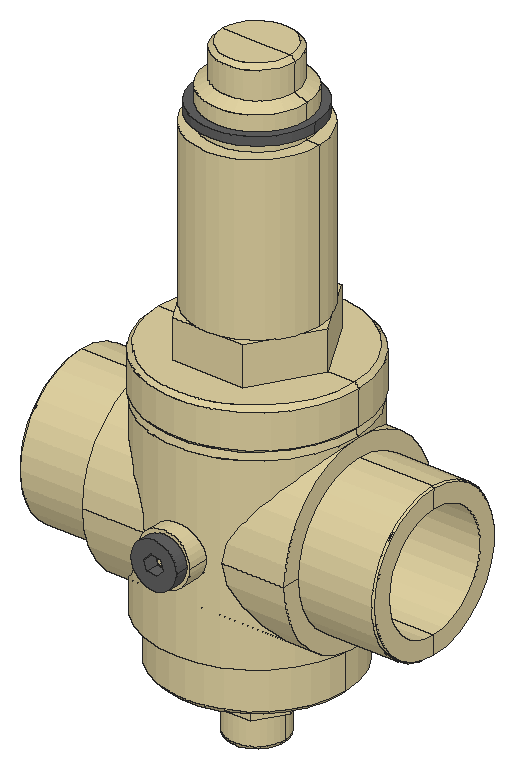
Revit family "HS00280000", category Apparecchi idraulici, Revit 2020
Family settings
  Quota connettore circolare = Usa diametro
  Tipo di parte = Normale
  Numero OmniClass = 23.45.00.00
  Titolo OmniClass = Sanitary, Laundry, and Cleaning Equipment
  Basato su piano di lavoro = No
  Sempre verticale = Sì
  Taglio con vuoti quando caricato = No
  Condiviso = No
  Punto di calcolo locali = No
Parameters
  URL = "https://web.cimberio.it/index.php/figura/898?subcategoria_id=42"
  Temperatura di esercizio = "0 ÷ 80°C"
  Prospetto di default = 0 mm
  Produttore = "CIMBERIO SPA"
  Pressione nominale = "PN 25"
  Modello = "Cim 1430CR"
  Materiale = "Prodotto in lega di ottone “CR” – “DZR” conforme alla norma EN 12165-CW602N-M."
  Descrizione = "Utilizzato nei più svariati settori dell'impiantistica: reti di distribuzione acqua potabile, impianti di riscaldamento, condizionamento, igienico-sanitari e in generale con ogni fluido non corrosivo"
  DN Model [instance] = HS00281040 : HS00281040
  DN [instance] = 40 mm
  Commenti sul tipo = "Realizzato in ottemperanza ai requisiti gestionali della norma EN ISO 9001. Collaudato al 100% secondo la normativa EN 12266-1."
Reference planes
  plane 1 "Centro (Fronte/Retro)": y = 0
  plane 2: z = 0
  plane 3 "Centro (Sinistra/Destra)": x = 0
Dimensions and locks
  aligned and locked: level to plane 2
Nested families
  nested 1: "HS00281040" at (0, 0, 0), type <- "DN Model", type "HS00281040"
  nested 2: "HS00281040" at (0, 0, 0), type <- "DN Model", type "HS00281040"
  nested 3: "HS00281040" at (0, 0, 0), type <- "DN Model", type "HS00281040"
  nested 4: "HS00281040" at (0, 0, 0), type <- "DN Model", type "HS00281040"
  nested 5: "HS00281040" at (0, 0, 0), type <- "DN Model", type "HS00281040"
  nested 6: "HS00281040" at (0, 0, 0), type <- "DN Model", type "HS00281040"
Connectors
  piping at (62.5, 0, 0), diameter 40, driven by "DN"
    settings: on nested 1, index 1, connector inside diameter 609.6 mm, connector length 0 mm, flow factor 0, pipe flow 0.0 L/s, pressure drop 0.0 Pa, fitting loss kfactor 0, connector angle 0.00°, fixture units 0, engagement length 0 mm, angle of deflection 0.00°, flow configuration 0, flow direction 0, fitting loss method 0, system type 7, joint type 0, gender type 0, connector reference index -1, connector utility 0, adjustable connector no, is connector primary yes, connector description ""
  piping at (-62.5, 0, 0), diameter 40, driven by "DN"
    settings: on nested 1, index 2, connector inside diameter 609.6 mm, connector length 0 mm, flow factor 0, pipe flow 0.0 L/s, pressure drop 0.0 Pa, fitting loss kfactor 0, connector angle 0.00°, fixture units 0, engagement length 0 mm, angle of deflection 0.00°, flow configuration 0, flow direction 0, fitting loss method 0, system type 7, joint type 0, gender type 0, connector reference index -1, connector utility 0, adjustable connector no, is connector primary no, connector description ""
Definition of nested family "HS00281040"
  Parameters (values of type "HS00281040")
    Default Elevation = 0 mm
  Reference planes
    plane 1 "Centro (Fronte/Retro)": y = 0
    plane 2: z = 0
    plane 3 "Centro (Sinistra/Destra)": x = 0
  Forms (mm)
    Revolve 1, solid
      sketch origin (0, 0, 4.5) x (1, 0, 0) y (0, 0, 1)
        loop
          line (-20, 45.5) -> (-34.5, 45.5) -> (-36, 44) -> (-36, 32) -> (-34.972, 30.972) -> (-35.5, 28.501) -> (-35.5, -37.5) -> (-31.5, -37.5) -> (-31.5, -53) -> (-30, -54.5) -> (-20, -54.5) -> (-20, 45.5)
        axis (0, 45.5) -> (0, -54.5)
      angle from 0 to 360
    Revolve 2, solid
      sketch origin (0, 0, 66.5) x (1, 0, 0) y (0, 0, 1)
        loop
          line (0, 79) -> (-12, 79) -> (-13.5, 77.5) -> (-13.5, 68) -> (-17.5, 65.691) -> (-17.5, 54) -> (-22, 54) -> (-22, -3.003) -> (0, -3.003) -> (0, 79)
        axis (0, 79) -> (0, -3.003)
      angle from 0 to 360
    Revolve 3, solid
      sketch origin (0, 0, 0) x (1, 0, 0) y (0, 0, 1)
        loop
          line (-62.5, 20) -> (-19.939, 20) -> (-19.939, 26.75) -> (-61.836, 26.75) -> (-62.5, 26.25) -> (-62.5, 20)
        axis (-62.5, 0) -> (-19.939, 0)
      angle from 0 to 360
    Extrusion 4, solid
      sketch origin (0, 0, 0) x (1, 0, 0) y (0, 1, 0)
        loop
          line (12, 0) -> (6, 10.392) -> (-6, 10.392) -> (-12, 0) -> (-6, -10.392) -> (6, -10.392) -> (12, 0)
      from -62.5 to -50
    Revolve 5, solid
      sketch origin (0, 0, -22.5) x (1, 0, 0) y (0, 0, 1)
        loop
          line (0, -40) -> (0, -50.056) -> (9, -50.056)
          arc (9, -50.056) -> (9.707, -49.763) -> (10, -49.056) r 1
          line (10, -49.056) -> (10, -40) -> (0, -40)
        axis (0, -40) -> (0, -50.056)
      angle from 0 to 360
    Extrusion 6, solid
      sketch origin (0, 0, 8.063) x (1, 0, 0) y (0, 1, 0)
        loop
          circle (0, 0) r 17
        loop
          circle (0, 0) r 20.5
      from 115.93 to 118.937
    Extrusion 7, solid
      sketch origin (0, 0, 0) x (1, 0, 0) y (0, 0, 1)
        loop
          circle (0, 0) r 9.25
        loop
          line (-1.055, 3.299) -> (-3.385, 0.736) -> (-2.33, -2.564) -> (1.055, -3.299) -> (3.385, -0.736) -> (2.33, 2.564) -> (-1.055, 3.299)
      from -41 to 41
    Extrusion 8, solid
      sketch origin (0, 0, 0) x (1, 0, 0) y (0, 0, 1)
        loop
          circle (0, 0) r 8
        loop
          line (-3.385, 0.736) -> (-2.33, -2.564) -> (1.055, -3.299) -> (3.385, -0.736) -> (2.33, 2.564) -> (-1.055, 3.299) -> (-3.385, 0.736)
      from 41 to 45.5
    Extrusion 9, solid
      sketch origin (0, 0, 0) x (1, 0, 0) y (0, 0, -1)
        loop
          circle (0, 0) r 8
        loop
          line (-3.385, -0.736) -> (-1.055, -3.299) -> (2.33, -2.564) -> (3.385, 0.736) -> (1.055, 3.299) -> (-2.33, 2.564) -> (-3.385, -0.736)
      from 41 to 45.5
    Extrusion 10, solid
      sketch origin (0, 0, 0) x (0, -1, 0) y (1, 0, 0)
        loop
          line (0, 25) -> (-21.651, 12.5) -> (-21.651, -12.5) -> (0, -25) -> (21.651, -12.5) -> (21.651, 12.5) -> (0, 25)
      from 50 to 63.5
    Revolve 11, solid
      sketch origin (0, 0, 0) x (-1, 0, 0) y (0, 0, 1)
        loop
          line (-62.5, 20) -> (-19.939, 20) -> (-19.939, 26.75) -> (-61.836, 26.75) -> (-62.5, 26.25) -> (-62.5, 20)
        axis (-62.5, 0) -> (-19.939, 0)
      angle from 0 to 360
    Revolve 12, solid
      sketch origin (0, 0, 0) x (1, 0, 0) y (0, 1, 0)
        loop
          line (-35.234, 32.808) -> (-35.234, 20) -> (35.766, 20) -> (35.766, 32.808) -> (-35.234, 32.808)
        axis (-35.234, 0) -> (35.766, 0)
      angle from 0 to 360
  Dimensions and locks
    aligned and locked: level to plane 2
